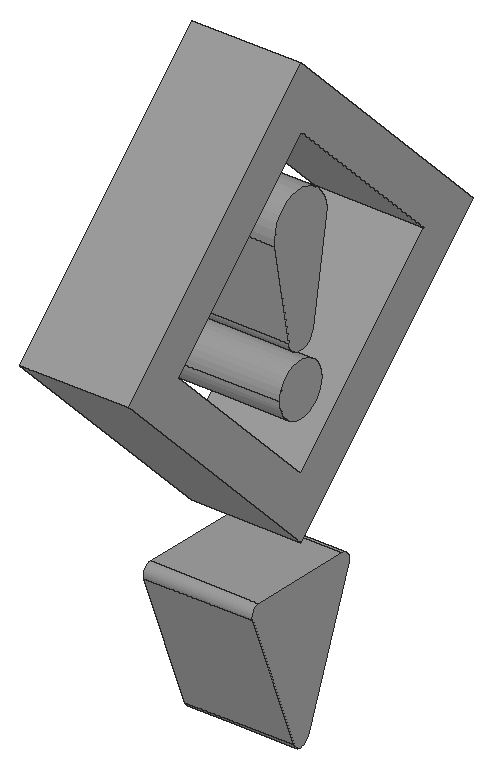
Revit family "Famille_TEST", category Modèles génériques, Revit 2023
Family settings
  Peut héberger une armature = Non
  Cote de connecteur circulaire = Utiliser le diamètre
  Type d'élément = Normal
  Basée sur le plan de construction = Non
  Toujours verticalement = Oui
  Couper avec des vides une fois chargée = Non
  Conserver l'orientation des annotations = Non
  Partagée = Non
  Repère de localisation dans la pièce = Non
Parameters
  Elévation par défaut = 0 mm
Reference planes
  plane 1 "Center (Front/Back)": y = 0
  plane 2: z = 0
  plane 3 "Center (Left/Right)": x = 0
Forms (mm)
  Extrusion 1, solid, material "Default Wall"
    sketch origin (125, 0, 0) x (0, -1, 0) y (0, 0, 1)
      loop
        line (-494.975, 916.748) -> (0, 421.773) -> (494.975, 916.748) -> (0, 1411.723) -> (-494.975, 916.748)
      loop
        line (-353.553, 916.748) -> (0, 563.195) -> (353.553, 916.748) -> (0, 1270.302) -> (-353.553, 916.748)
      loop
        arc (138.095, 321.469) -> (135.906, 339.964) -> (119.423, 348.636) r 20
        line (119.423, 348.636) -> (-119.423, 348.636)
        arc (-119.423, 348.636) -> (-135.906, 339.964) -> (-138.095, 321.469) r 20
        line (-138.095, 321.469) -> (-19.961, 13.719)
        arc (-19.961, 13.719) -> (0, 0) -> (19.961, 13.719) r 21.381
        line (19.961, 13.719) -> (138.095, 321.469)
      loop
        circle (0, 738.344) r 60
      loop
        line (-73.213, 1065.058) -> (-35.01, 848.4)
        arc (-35.01, 848.4) -> (0, 819.023) -> (35.01, 848.4) r 35.55
        line (35.01, 848.4) -> (73.213, 1065.058)
        arc (73.213, 1065.058) -> (0, 1152.309) -> (-73.213, 1065.058) r 74.342
    from 0 to 250
Dimensions and locks
  aligned and locked: level to plane 2
